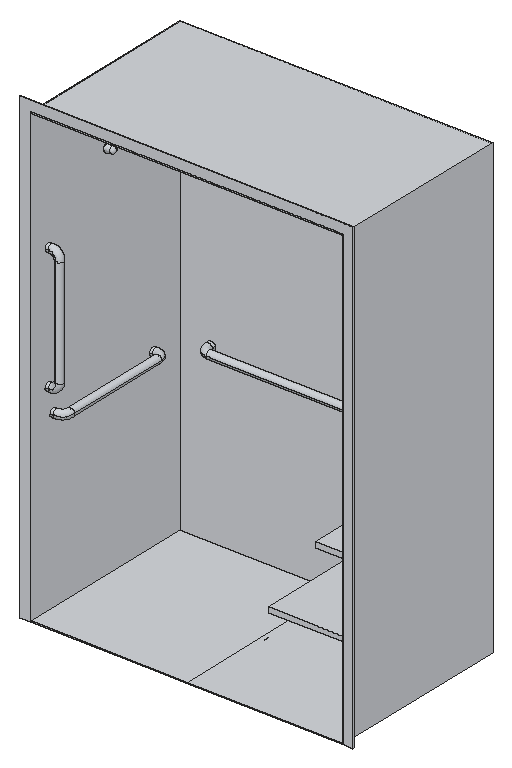
Revit family "Shower_Cabinet-Willoughby-US-3660-HC-FA-B", category Plumbing Fixtures, Revit 2015
Parameters
  URL = "https://www.willoughby-ind.com/wp-content/uploads/2018/01/US-3660-FA-ROLL-IN.pdf"
  Revision = "A"
  Model = "US/KS-3660-HC-FA"
  Manufacturer = "Willoughby Industries"
  Description = "US 36\" X 60\" Handicap Roll-In Cabinet Shower, Front Access, Back flex head shower"
  Contact Info = "(800) 428-4065"
Reference planes (in)
  plane 1 "Center (Front/Back)": y = 0
  plane 2: z = 0
  plane 3 "Center (Left/Right)": x = 0
Forms (in)
  Extrusion 1, solid
    sketch origin (0, 0, 0) x (1, 0, 0) y (0, 0, 1)
      loop
        line (152.875, 0) -> (213, 0) -> (213, 88) -> (152.875, 88) -> (152.875, 0)
    from 0 to 36
  Extrusion 2, void
    sketch origin (0, 0, 0) x (1, 0, 0) y (0, 0, 1)
      loop
        line (182.9375, 0.12) -> (212.9375, 0.12) -> (212.9375, 87.925) -> (152.9375, 87.925) -> (152.9375, 0.12) -> (182.9375, 0.12)
    from 0.07422 to 37
  Sweep 3, solid
    path origin (-9.0625, -18.07422, 34) x (1, 0, 0) y (0, 1, 0)
      loop
        line (198, 18) -> (198, 17.25)
        arc (198, 17.25) -> (197.56066, 16.18934) -> (196.5, 15.75) r 1.5
        line (196.5, 15.75) -> (169.5, 15.75)
        arc (169.5, 15.75) -> (168.43934, 16.18934) -> (168, 17.25) r 1.5
        line (168, 17.25) -> (168, 18)
    profile origin (188.9375, -0.07422, 34) x (1, 0, 0) y (0, 0, 1)
      loop
        circle (0, 0) r 0.75
  Extrusion 4, solid
    sketch origin (0, -35.92578, 0) x (1, 0, 0) y (0, 0, 1)
      loop
        line (152.875, 0) -> (152.875, 88) -> (213, 88) -> (213, 0) -> (215, 0) -> (215, 90) -> (150.875, 90) -> (150.875, 0) -> (152.875, 0)
    from 0 to 0.07422
  Sweep 5, solid
    path origin (13.68492, 18.61488, 34) x (1, 0, 0) y (0, 1, 0)
      loop
        line (139.25258, -25.4391) -> (140.00258, -25.4391)
        arc (140.00258, -25.4391) -> (141.06324, -25.87844) -> (141.50258, -26.9391) r 1.5
        line (141.50258, -26.9391) -> (141.50258, -47.9391)
        arc (141.50258, -47.9391) -> (141.06324, -48.99976) -> (140.00258, -49.4391) r 1.5
        line (140.00258, -49.4391) -> (139.25258, -49.4391)
    profile origin (152.9375, -6.82422, 34) x (0, 1, 0) y (0, 0, 1)
      loop
        circle (0, 0) r 0.75
  Sweep 6, solid
    path origin (0, 0, 0) x (1, 0, 0) y (0, 0, 1)
      loop
        line (152.9375, 39) -> (153.6875, 39)
        arc (153.6875, 39) -> (154.74816, 39.43934) -> (155.1875, 40.5) r 1.5
        line (155.1875, 40.5) -> (155.1875, 61.5)
        arc (155.1875, 61.5) -> (154.74816, 62.56066) -> (153.6875, 63) r 1.5
        line (153.6875, 63) -> (152.9375, 63)
    profile origin (152.9375, 0, 39) x (0, 0, 1) y (0, -1, 0)
      loop
        circle (0, 32) r 0.75
  Revolve 7, solid
    sketch origin (199.9375, 0, -13.80662) x (0, 1, 0) y (0, 0, 1)
      loop
        line (0.0625, 84.30162) -> (0.0625, 84.86162) -> (-1.10022, 84.86162)
        arc (-1.10022, 84.86162) -> (-1.4962, 84.6976) -> (-1.66022, 84.30162) r 0.56
        line (-1.66022, 84.30162) -> (0.0625, 84.30162)
      axis (0.0625, 84.30162) -> (-1.66022, 84.30162)
    angle from 0 to 360
  Revolve 8, solid
    sketch origin (0, -18, 0) x (1, 0, 0) y (0, 0, 1)
      loop
        line (152.875, 74.125) -> (154.8375, 74.125)
        arc (154.8375, 74.125) -> (154.68119, 74.55158) -> (154.2775, 74.76) r 0.62579
        line (154.2775, 74.76) -> (153.1875, 74.875) -> (152.875, 74.875) -> (152.875, 74.125)
      axis (152.875, 74.125) -> (154.8375, 74.125)
    angle from 0 to 360
  Extrusion 9, solid
    sketch origin (0, 0, 0) x (1, 0, 0) y (0, 1, 0)
      loop
        circle (182.9375, -18.07422) r 1
    from 0 to -5
  Extrusion 10, solid
    sketch origin (0, 0, 0) x (1, 0, 0) y (0, 1, 0)
      loop
        line (212.9375, -35.03711) -> (212.9375, -1.03711) -> (190.9375, -1.03711) -> (190.9375, -15.03711) -> (197.9375, -15.03711) -> (197.9375, -35.03711) -> (212.9375, -35.03711)
    from 17 to 18
  Extrusion 11, solid
    sketch origin (0, -0.07422, 0) x (1, 0, 0) y (0, 0, 1)
      loop
        line (202.875, 77.75) -> (185.875, 77.75) -> (185.875, 37.75) -> (202.875, 37.75) -> (202.875, 77.75)
    from 0 to 0.07422
Cuts and joins
  Extrusion 2 cuts Extrusion 1
Dimensions and locks (in)
  aligned and locked: level to plane 2
  aligned and locked: cut or joined group of Extrusion 1, Extrusion 2 to Revolve 7 sketch curve
  aligned and locked: Revolve 7 sketch curve to Revolve 7 sketch curve
  aligned and locked: cut or joined group of Extrusion 1, Extrusion 2 to Revolve 8 sketch curve
Connectors (in)
  piping at (152.875, -18, 74.125), diameter 0.375
    settings: on Revolve 8, index 1, connector inside diameter 24", connector length 0' - 0", flow factor 0, pipe flow 0 GPM, pressure drop 0.00 psi, fitting loss kfactor 0, connector angle 0.00°, fixture units 0, engagement length 0' - 0", angle of deflection 0.00°, flow configuration 0, flow direction 0, fitting loss method 0, system type 19, joint type 0, gender type 0, connector reference index -1, connector utility 0, adjustable connector no, is connector primary yes, connector description ""
  piping at (182.9375, -18.07422, -5), diameter 2
    settings: on Extrusion 9, index 2, connector inside diameter 24", connector length 0' - 0", flow factor 0, pipe flow 0 GPM, pressure drop 0.00 psi, fitting loss kfactor 0, connector angle 0.00°, fixture units 0, engagement length 0' - 0", angle of deflection 0.00°, flow configuration 0, flow direction 0, fitting loss method 0, system type 16, joint type 0, gender type 0, connector reference index -1, connector utility 0, adjustable connector no, is connector primary no, connector description ""
